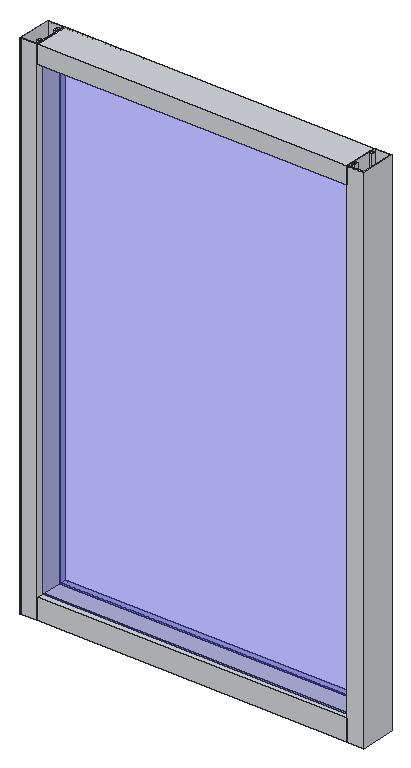
Revit family "Hunter Evo 101.6mm Acoustic Framing", category Windows, host Wall, Revit 2021
Family settings
  Host = Wall
  OmniClass Number = 23.30.20.00
  OmniClass Title = Windows
  Always vertical = Yes
  Cut with Voids When Loaded = No
  Shared = No
  Room Calculation Point = No
Parameters
  Single Glazed [instance] = yes
  Rough Width = 0 mm  # constant formula
  Rough Height = 0 mm  # constant formula
  Height [instance] = 1500 mm
  Double Glazed [instance] = not(Single Glazed)  # no
  Default Sill Height = 800 mm
  Wall Closure = By host
  Width [instance] = 1000 mm
Reference planes
  plane 1 "Center (Front/Back)": y = 0
  plane 2 "Center (Left/Right)": x = 0
  plane 3 "Left": x = -500
  plane 4 "Right": x = 500
  plane 5 "Sill": z = 800
  plane 6 "Head": z = 2300
  plane 7 "Exterior": y = 100
  plane 8 "Interior": y = -100
Lines and regions (mm)
  Opening 1
    outline origin (3500, -100, 0) x (1, 0, 0) y (0, 0, 1)
      loop
        line (-3000, 800) -> (-3000, 2300) -> (-4000, 2300) -> (-4000, 800) -> (-3000, 800)
Text (mm)
  text "Exterior" at (-1963.203, 1332.353, 0), in view "Ref. Level"
  text "Interior" at (-1981.466, -818.386, 0), in view "Ref. Level"
  text "Exterior" at (0, 923.751, 2943.296), in view "Right"
  text "Exterior" at (0, 1040.484, 2685.409), in view "Left"
Dimensions and locks
  equal spacing: plane 3 "Left", plane 2 "Center (Left/Right)", plane 4 "Right"
  "Width": plane 3 "Left" to plane 4 "Right"
  "Height": plane 5 "Sill" to plane 6 "Head"
  "Default Sill Height": plane 5 "Sill" to level
  locked: plane 7 "Exterior" to host wall
  locked: plane 8 "Interior" to host wall
  aligned and locked: nested 1 to plane 4 "Right"
  aligned and locked: nested 1 to plane 3 "Left"
  aligned and locked: host wall to nested 1
  aligned and locked: nested 1 to plane 6 "Head"
  aligned and locked: nested 1 to plane 5 "Sill"
Automatic sketch dimensions
  Opening 1 sketch curve to plane 3 "Left" = 0 mm
  Opening 1 sketch curve to plane 4 "Right" = 0 mm
  Opening 1 sketch curve to plane 5 "Sill" = 0 mm
  Opening 1 sketch curve to plane 6 "Head" = 0 mm
Nested families
  nested 1: "Hunter Evo 101.6mm Acoustic Framing" at (0, -0.979, 1002.904), type "Hunter Evo 101.6mm Acoustic Framing"
    with Width 1000 mm, Height 1500 mm, Glass Glass, Frame Material none, Double Glazing Thickness 6 mm, Air Gap Control 58 mm, Air Gap 58 mm
Definition of nested family "Hunter Evo 101.6mm Acoustic Framing"
  Parameters (values of type "Hunter Evo 101.6mm Acoustic Framing")
    Width [instance] = 750 mm
    URL = "https://www.alspec.com.au/derwent-76mm-centre-pocket-framing"
    Manufacturer = "ALSPEC"
    Jamb Width = 50 mm  # constant formula
    Height [instance] = 750 mm
    Glass [instance] = none
    Frame Material [instance] = none
    Double Glazing Thickness [instance] = 6 mm
    Designer = "Viraj Mhatre"
    Default Elevation = 0 mm
    Air Gap Control [instance] = if(Air Gap > 58 mm, 58 mm, if(Air Gap < 50 mm, 50 mm, Air Gap))  # 58 mm
    Air Gap [instance] = 58 mm
  Reference planes
    plane 1 "Center (Front/Back)": y = 0.979
    plane 2: z = 368.682
    plane 3 "Center (Left/Right)": x = 0
    plane 4 "Head Top": z = 1297.096
    plane 5 "Sill Bottom": z = 547.096
    plane 6: x = -375
    plane 7: x = 375
    plane 8: y = 30.263
    plane 9: y = 36.263
    plane 10: y = -33.894
    plane 11: y = -27.894
    plane 12: x = -325
    plane 13: x = 325
  Forms (mm)
    Extrusion 1, solid, material <- "Glass"
      sketch origin (0, 0, 368.682) x (1, 0, 0) y (0, 1, 0)
        loop
          line (-335.208, 36.263) -> (-335.208, 30.263) -> (335.208, 30.263) -> (335.208, 36.263) -> (-335.208, 36.263)
        loop
          line (-335.208, -27.894) -> (-335.208, -33.894) -> (335.208, -33.894) -> (335.208, -27.894) -> (-335.208, -27.894)
      from 888.414 to 228.898
    Sweep 2, solid, material <- "Frame Material"
      path origin (0, 0, 368.682) x (1, 0, 0) y (0, 1, 0)
        loop
          line (-375, -49.676) -> (-325, -49.676) -> (-325, -33.892) -> (-335.208, -33.892) -> (-335.208, -28.013) -> (-325, -28.013) -> (-325, 30.261) -> (-335.208, 30.261) -> (-335.208, 36.159) -> (-325, 36.159) -> (-325, 51.924) -> (-375, 51.924) -> (-375, -49.676)
      profile origin (-375, 1.124, 368.682) x (-1, 0, 0) y (0, 0, 1)
        loop
          line (0, 178.414) -> (0, 928.414) -> (-2, 928.414) -> (-2, 178.414) -> (0, 178.414)
    Sweep 3, solid, material <- "Frame Material"
      path origin (0, 0, 368.682) x (1, 0, 0) y (0, 1, 0)
        loop
          line (375, -49.83) -> (375, 51.77) -> (325, 51.77) -> (325, 36.005) -> (335.208, 36.005) -> (335.208, 30.107) -> (325, 30.107) -> (325, -28.167) -> (335.208, -28.167) -> (335.208, -34.046) -> (325, -34.046) -> (325, -49.83) -> (375, -49.83)
      profile origin (375, 0.97, 368.682) x (-1, 0, 0) y (0, 0, 1)
        loop
          line (0, 178.414) -> (2, 178.414) -> (2, 928.414) -> (0, 928.414) -> (0, 178.414)
    Sweep 4, solid, material <- "Frame Material"
      path origin (0, 0, 0) x (0, 1, 0) y (0, 0, 1)
        loop
          line (36.014, 1257.096) -> (36.014, 1247.096) -> (51.779, 1247.096) -> (51.779, 1297.096) -> (-49.821, 1297.096) -> (-49.821, 1247.096) -> (-34.055, 1247.096) -> (-34.055, 1257.096) -> (-28.158, 1257.096) -> (-28.158, 1247.096) -> (30.116, 1247.096) -> (30.116, 1257.096) -> (36.014, 1257.096)
      profile origin (0, 36.014, 1252.096) x (1, 0, 0) y (0, 1, 0)
        loop
          line (-325, 0) -> (325, 0) -> (325, 2) -> (-325, 2) -> (-325, 0)
    Sweep 5, solid, material <- "Frame Material"
      path origin (0, 0, 0) x (0, 1, 0) y (0, 0, 1)
        loop
          line (54.967, 547.096) -> (54.967, 577.096) -> (51.715, 577.096) -> (51.715, 607.587) -> (35.984, 607.587) -> (35.984, 597.579) -> (30.104, 597.579) -> (30.104, 607.587) -> (-28.169, 607.587) -> (-28.169, 597.592) -> (-34.049, 597.592) -> (-34.049, 607.587) -> (-49.531, 607.587) -> (-49.531, 547.096) -> (54.967, 547.096)
      profile origin (0, 2.718, 547.096) x (0, 0, -1) y (1, 0, 0)
        loop
          line (-1.992, -325) -> (0, -325) -> (0, 325) -> (-1.992, 325) -> (-1.992, -325)
  Dimensions and locks
    "Height": plane 4 "Head Top" to plane 5 "Sill Bottom"
    equal spacing: plane 6, plane 3 "Center (Left/Right)", plane 7
    "Width": plane 6 to plane 7
    "Jamb Width": plane 6 to plane 12
    "Jamb Width": plane 13 to plane 7
    "Double Glazing Thickness": plane 9 to plane 8
    "Double Glazing Thickness": plane 11 to plane 10
    plane 9 to import instance to plane 8 = 3.053 mm, 2.947 mm
    plane 11 to import instance to plane 10 = 3.058 mm, 2.942 mm
    aligned and locked: level to plane 2
    aligned and locked: plane 1 "Center (Front/Back)" to import instance
    aligned and locked: plane 6 to import instance
    aligned and locked: import instance to plane 1 "Center (Front/Back)"  (x3)
    aligned and locked: plane 7 to import instance
    aligned and locked: import instance to plane 4 "Head Top"
    aligned and locked: plane 5 "Sill Bottom" to import instance
    aligned and locked: Extrusion 1 sketch curve to plane 9
    aligned and locked: plane 8 to Extrusion 1 sketch curve
    aligned and locked: Extrusion 1 sketch curve to plane 11
    aligned and locked: plane 10 to Extrusion 1 sketch curve
    aligned and locked: Sweep 2 sketch curve to import instance  (x12)
    aligned and locked: Sweep 3 sketch curve to import instance  (x12)
    aligned and locked: Sweep 4 sketch curve to import instance  (x11)
    aligned and locked: import instance to Sweep 4 sketch curve
    aligned and locked: Sweep 5 sketch curve to import instance  (x12)
    aligned and locked: import instance to Sweep 5 sketch curve  (x2)
    aligned and locked: plane 4 "Head Top" to Sweep 2 sketch curve
    aligned and locked: Sweep 2 sketch curve to plane 5 "Sill Bottom"
    aligned and locked: Sweep 3 sketch curve to plane 4 "Head Top"
    aligned and locked: plane 5 "Sill Bottom" to Sweep 3 sketch curve
    aligned and locked: Sweep 5 sketch curve to plane 13
    aligned and locked: plane 12 to Sweep 5 sketch curve
    aligned and locked: Sweep 4 sketch curve to plane 13
    aligned and locked: plane 12 to Sweep 4 sketch curve
    aligned and locked: Extrusion 1 sketch curve to Extrusion 1 sketch curve  (x2)
    aligned and locked: Extrusion 1 to Sweep 5
    aligned and locked: Extrusion 1 to Sweep 4
    aligned and locked: Sweep 2 to Extrusion 1 sketch curve
    aligned and locked: Extrusion 1 sketch curve to Sweep 3
  Automatic sketch dimensions
    Sweep 2 sketch curve to profile plane = 0 mm
    profile plane to Sweep 2 sketch curve = 2 mm
    Sweep 3 sketch curve to profile plane = 0 mm
    Sweep 3 sketch curve to profile plane = 2 mm
    profile plane to Sweep 4 sketch curve = 0 mm
    Sweep 4 sketch curve to profile plane = 2 mm
    Sweep 5 sketch curve to profile plane = 0 mm
    profile plane to Sweep 5 sketch curve = 1.992 mm
